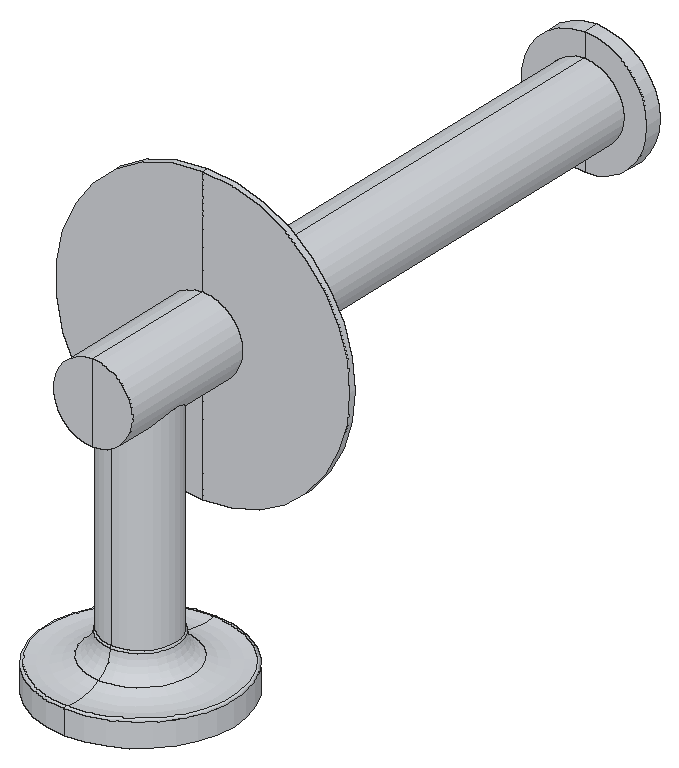
Revit family "Accessory-Tissue_Holder-KOHLER-Purist-K-14444", category Generic Models, host Face, Revit 2015
Parameters (values of type "CP-Polished Chrome")
  Width = 3"  # constant formula
  URL = "https://www.us.kohler.com/us/"
  Type = 1
  Product Page URL = "http://www.us.kohler.com/us/catalog/productDetails.jsp?productNumber=14444"
  Product Name = "Purist"  # constant formula
  Product Documentation Link = "http://www.us.kohler.com/onlinecatalog/pdf/K-14444_spec.pdf"
  Model = if(Type = 1, "K-14444-CP", if(Type = 2, "K-14444-SN", if(Type = 3, "K-14444-BGD", if(Type = 4, "K-14444-BN", if(Type = 5, "K-14444-BV", if(Type = 6, "K-14444-RGD", "NA"))))))  # "K-14444-CP"
  Material = "Solid Brass Construction"  # constant formula
  MasterFormat 2004 = "10.28.13"  # constant formula
  MasterFormat 1995 = "10820"  # constant formula
  Manufacturer Address = "444 Highland Dr, Kohler, WI 53044"  # constant formula
  Manufacturer = "KOHLER Co."  # constant formula
  Length = 4 5/16"  # constant formula
  Height = 6 11/16"  # constant formula
  Finish = Kohler-Metal-CP-Polished_Chrome
  Environmental Product Declaration = ""
  Description = "Vertical toilet tissue holder"  # constant formula
  Default Elevation = 42"
  Declare Label = ""
  Date Modified = "11/21/2017"  # constant formula
  Date Created = "11/21/2017"  # constant formula
  Copyright = "Copyright KOHLER Co."  # constant formula
  Contact Us = "https://www.us.kohler.com/us/static/contact.jsp"
  Assembly Code = "C1030200"
  ADA = no
Types (7): name | Type | Model | Finish
  (no name) | 1 | "K-14444-CP" | Kohler-Metal-CP-Polished_Chrome
  CP-Polished Chrome | 1 | "K-14444-CP" | Kohler-Metal-CP-Polished_Chrome
  SN-Vibrant Polished Nickel | 2 | "K-14444-SN" | Kohler-Metal-SN-Vibrant_Polished_Nickel
  BGD-Vibrant Moderne Brushed Gold | 3 | "K-14444-BGD" | Kohler-Metal-BGD-Vibrant_Moderne_Brushed_Gold
  BN-Vibrant Brushed Nickel | 4 | "K-14444-BN" | Kohler-Metal-BN-Vibrant_Brushed_Nickel
  BV-Vibrant Brushed Bronze | 5 | "K-14444-BV" | Kohler-Metal-BV-Brushed_Bronze
  RGD-Vibrant Rose Gold | 6 | "K-14444-RGD" | Kohler-Metal-RGD-Polished_Rose_Gold
Reference planes (in)
  plane 1 "Center (Front/Back)": y = 0
  plane 2: z = 0
  plane 3 "Center (Left/Right)": x = 0
  plane 4: y = 5.72835
  plane 5: y = -0.95915
  plane 6: x = -1.5
  plane 7: x = 1.5
  plane 8: z = 4.3125
Dimensions and locks (in)
  "Height": plane 5 to plane 4
  "Width": plane 6 to plane 7
  "Length": plane 8 to plane 2
  aligned and locked: plane 2 to host face
  aligned and locked: level to host face
Automatic sketch dimensions
  host sketch curve to host sketch curve = 96"  (x2)
Nested families (in)
  nested 1: "K-14444" at (0, 0, 0), type "K-14444"
Definition of nested family "K-14444"
  Parameters (values of type "K-14444")
    Material = none
  Reference planes (in)
    plane 1 "Center (Front/Back)": y = 0
    plane 2: z = 0
    plane 3 "Center (Left/Right)": x = 0
  Forms (in)
    Revolve 1, solid, material <- "Material"
      sketch origin (0, 0, 0) x (0, 1, 0) y (0, 0, 1)
        loop
          line (5.57087, 3.22695) -> (0.84646, 3.22695) -> (0.84646, 4.30963) -> (0.7874, 4.30963) -> (0.7874, 3.22695) -> (-0.59055, 3.22695) -> (-0.59055, 2.83325) -> (5.68663, 2.83325)
          arc (5.68663, 2.83325) -> (5.69707, 3.13354) -> (5.72835, 3.43239) r 4.32315
          line (5.72835, 3.43239) -> (5.72835, 3.46317) -> (5.57087, 3.46317) -> (5.57087, 3.22695)
        axis (5.72835, 2.83325) -> (-0.59055, 2.83325)
      angle from 0 to 360
    Revolve 2, solid, material <- "Material"
      sketch origin (0, 0, 0) x (0, 1, 0) y (0, 0, 1)
        loop
          line (0.94488, 0) -> (0.94488, 0.23612)
          arc (0.94488, 0.23612) -> (0.93757, 0.25134) -> (0.92111, 0.25515) r 0.0195
          arc (0.92111, 0.25515) -> (0.71374, 0.24531) -> (0.51536, 0.30652) r 0.60178
          arc (0.51536, 0.30652) -> (0.41202, 0.39902) -> (0.36762, 0.53041) r 0.27239
          arc (0.36762, 0.53041) -> (0.36059, 0.54518) -> (0.34538, 0.55118) r 0.02229
          line (0.34538, 0.55118) -> (0, 0.55118) -> (0, 0) -> (0.94488, 0)
        axis (0, 0.55118) -> (0, 0)
      angle from 0 to 360
    Revolve 3, solid, material <- "Material"
      sketch origin (0, 0, 0) x (0, 1, 0) y (0, 0, 1)
        loop
          line (0, 0.53346) -> (0.35433, 0.53346) -> (0.35433, 2.69188) -> (0, 2.69188) -> (0, 0.53346)
        axis (0, 2.69188) -> (0, 0.53346)
      angle from 0 to 360
  Cuts and joins
    joined: Revolve 1, Revolve 2, Revolve 3
  Lines and regions (in)
    Masking region 1
      outline origin (0, 0, 0) x (0, 1, 0) y (0, 0, 1)
        loop
          line (5.72835, 3.46317) -> (5.57087, 3.46317) -> (5.57087, 3.22695) -> (0.84646, 3.22695) -> (0.84646, 4.30963) -> (0.7874, 4.30963) -> (0.7874, 3.22695) -> (-0.59055, 3.22695) -> (-0.59055, 2.43955) -> (-0.35433, 2.43955) -> (-0.35433, 0.5493)
          arc (-0.35433, 0.5493) -> (-0.36553, 0.53777) -> (-0.36923, 0.52212) r 0.03023
          arc (-0.36923, 0.52212) -> (-0.42874, 0.37507) -> (-0.5602, 0.28629) r 0.27179
          arc (-0.5602, 0.28629) -> (-0.60794, 0.26844) -> (-0.65727, 0.25559) r 0.49397
          line (-0.65727, 0.25559) -> (-0.92441, 0.25559)
          arc (-0.92441, 0.25559) -> (-0.93888, 0.2496) -> (-0.94488, 0.23512) r 0.02047
          line (-0.94488, 0.23512) -> (-0.94488, 0) -> (0.94488, 0) -> (0.94488, 0.23512)
          arc (0.94488, 0.23512) -> (0.93888, 0.2496) -> (0.92441, 0.25559) r 0.02047
          line (0.92441, 0.25559) -> (0.65727, 0.25559)
          arc (0.65727, 0.25559) -> (0.60794, 0.26844) -> (0.5602, 0.28629) r 0.49397
          arc (0.5602, 0.28629) -> (0.42874, 0.37507) -> (0.36923, 0.52212) r 0.27179
          arc (0.36923, 0.52212) -> (0.36553, 0.53777) -> (0.35433, 0.5493) r 0.03023
          line (0.35433, 0.5493) -> (0.35433, 2.43955) -> (0.7874, 2.43955) -> (0.7874, 1.35687) -> (0.84646, 1.35687) -> (0.84646, 2.43955) -> (5.57087, 2.43955) -> (5.57087, 2.20333) -> (5.72835, 2.20333) -> (5.72835, 3.46317)
    Masking region 2
      outline origin (0, 0, 0) x (1, 0, 0) y (0, 0, 1)
        loop
          arc (0.35433, 1.40002) -> (0, 4.30963) -> (-0.35433, 1.40002) r 1.47638
          line (-0.35433, 1.40002) -> (-0.35433, 0.5493)
          arc (-0.35433, 0.5493) -> (-0.3658, 0.5375) -> (-0.36861, 0.52128) r 0.02785
          arc (-0.36861, 0.52128) -> (-0.41969, 0.38926) -> (-0.52946, 0.29989) r 0.27618
          arc (-0.52946, 0.29989) -> (-0.59271, 0.27478) -> (-0.65802, 0.25562) r 0.73577
          line (-0.65802, 0.25562) -> (-0.92493, 0.25562)
          arc (-0.92493, 0.25562) -> (-0.93904, 0.24978) -> (-0.94488, 0.23567) r 0.01995
          line (-0.94488, 0.23567) -> (-0.94488, 0) -> (0.94488, 0) -> (0.94488, 0.23567)
          arc (0.94488, 0.23567) -> (0.93904, 0.24978) -> (0.92493, 0.25562) r 0.01995
          line (0.92493, 0.25562) -> (0.65802, 0.25562)
          arc (0.65802, 0.25562) -> (0.59271, 0.27478) -> (0.52946, 0.29989) r 0.73577
          arc (0.52946, 0.29989) -> (0.41969, 0.38926) -> (0.36861, 0.52128) r 0.27618
          arc (0.36861, 0.52128) -> (0.3658, 0.5375) -> (0.35433, 0.5493) r 0.02785
          line (0.35433, 0.5493) -> (0.35433, 1.40002)
    Masking region 3
      outline origin (0, 0, 0) x (1, 0, 0) y (0, 1, 0)
        loop
          line (-1.47638, 0.7874) -> (-0.5223, 0.7874)
          arc (-0.5223, 0.7874) -> (0, -0.94488) -> (0.5223, 0.7874) r 0.94488
          line (0.5223, 0.7874) -> (1.47638, 0.7874) -> (1.47638, 0.84646) -> (0.3937, 0.84646) -> (0.3937, 5.57087) -> (0.62992, 5.57087) -> (0.62992, 5.72835) -> (-0.62992, 5.72835) -> (-0.62992, 5.57087) -> (-0.3937, 5.57087) -> (-0.3937, 0.84646) -> (-1.47638, 0.84646) -> (-1.47638, 0.7874)
    symbolic lines, detail levels medium+fine
      curve 1: line (0, 5.57087, 3.22695) -> (0, 5.57087, 2.43955)
      curve 2: line (0, 0.84646, 3.22695) -> (0, 0.84646, 2.43955)
      curve 3: line (0, 0.7874, 3.22695) -> (0, 0.7874, 2.43955)
      curve 4: line (0, 0.65727, 0.25559) -> (0, -0.65727, 0.25559)
      curve 5: line (0, 0.35433, 0.5493) -> (0, -0.35433, 0.5493)
      curve 6: line (0, 0.35433, 2.43955) -> (0, -0.35433, 2.43955)
      curve 7: circle (0, 0, 2.83325) r 0.62992 normal (0, -1, 0)
      curve 8: circle (0, 0, 2.83325) r 0.59914 normal (0, 1, 0)
      curve 9: line (0.35433, 0, 0.5493) -> (-0.35433, 0, 0.5493)
      curve 10: line (0.65802, 0, 0.25562) -> (-0.65802, 0, 0.25562)
      curve 11: arc (-0.35433, 0, 1.40002) -> (0, 0, 1.35687) -> (0.35433, 0, 1.40002) r 1.47638
      curve 12: line (-0.3937, 5.57087, 0) -> (0.3937, 5.57087, 0)
      curve 13: line (-0.3937, 0.84646, 0) -> (0.3937, 0.84646, 0)
      curve 14: line (-0.5223, 0.7874, 0) -> (0.5223, 0.7874, 0)
      curve 15: line (-0.3937, -0.59055, 0) -> (0.3937, -0.59055, 0)
      curve 16: line (-0.3937, -0.59055, 0) -> (-0.3937, 0.7874, 0)
      curve 17: line (0.3937, -0.59055, 0) -> (0.3937, 0.7874, 0)
  Dimensions and locks (in)
    aligned and locked: plane 2 to level
